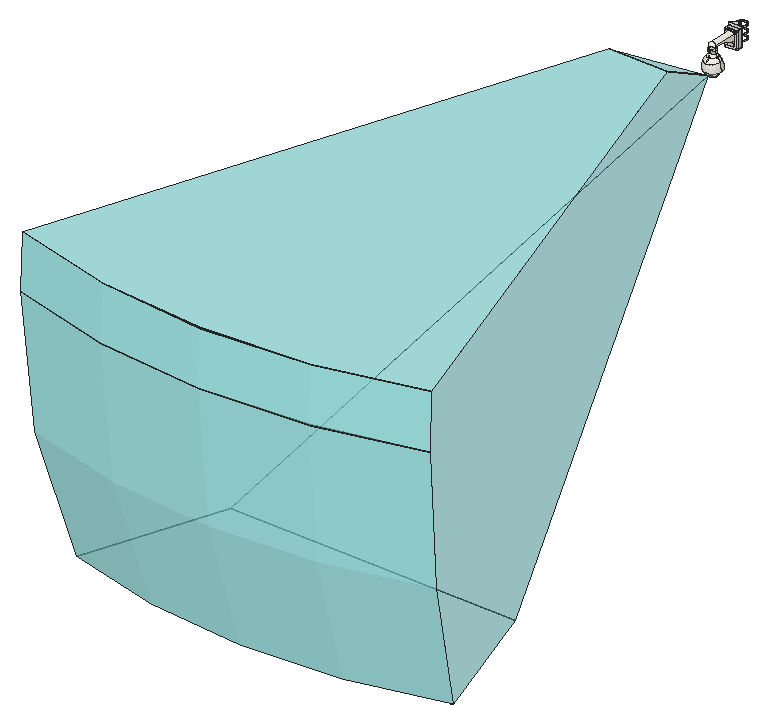
Revit family "PTZ indoor Dome camera – Pole Mount", category Security Devices, Revit 2017
Family settings
  Maintain Annotation Orientation = No
  Round Connector Dimension = Use Diameter
  Part Type = Normal
  OmniClass Number = 23.85.30.17.14
  OmniClass Title = Video Surveillance
  Work Plane-Based = No
  Always vertical = Yes
  Cut with Voids When Loaded = No
  Shared = No
  Room Calculation Point = No
Parameters (values of type "HONEYWELL HDZ302D_Pole Mount")
  _Upper Limit [instance] = if(FOV Upper Limit + _H + _Origin Vertical < 0 mm, 0 mm, FOV Upper Limit + _H + _Origin Vertical)  # 502 mm
  _Bottom Limit [instance] = if(FOV Bottom Limit - _H - _Origin Vertical < 0 mm, 0 mm, FOV Bottom Limit - _H - _Origin Vertical)  # 2398 mm
  _H = cos(Mounting Angle) * X  # 100 mm
  X = 100 mm
  _posOffset [instance] = if(_Origin Vertical > 0 mm, abs(_Origin Vertical), 0 mm)  # 102 mm
  _negOffset [instance] = if(_Origin Vertical < 0 mm, abs(_Origin Vertical), 0 mm)  # 0 mm
  Wireless = no
  User Input 02 [instance] = ""
  User Input 01 [instance] = ""
  Target Resolution Units [instance] = if(Metric, "Pixels per meter", "Pixels per foot")  # "Pixels per meter"
  Target Area [instance] = ""
  Origin Vertical = 102 mm
  _Origin Vertical [instance] = if(Ceiling Mount, Pendant Length, Origin Vertical)  # 102 mm
  URL = "www.honeywell.com"
  Show Field of View [instance] = yes
  Power over Ethernet Class = ""
  Power over Ethernet = ""
  Pendant Kit = ""
  PTZ = no
  Network Port [instance] = ""
  Model = "HDZ302D"
  Metric = yes
  Manufacturer = ""
  Pendant Status Message [instance] = if(Pendant Length > 750 mm, "Exceeds standard size", "OK")  # "OK"
  Lens Minimum Value [instance] = 13.5 mm  # constant formula
  Lens Maximum Value [instance] = 4.5 mm  # constant formula
  Housing Type = Camera_House : Default
  Origin Horizontal = 208 mm
  FOV Vertical Resolution [instance] = 1080
  FOV Tilt [instance] = 0.00°
  FOV Target Resolution [instance] = 180
  FOV Pan [instance] = 0.00°
  FOV Horizontal Resolution [instance] = 1920
  FOV Horizontal Minimum [instance] = 2.53°
  FOV Horizontal Maximum [instance] = 62.35°
  FOV Focal Length Minimum [instance] = 4.5
  FOV Focal Length Maximum [instance] = 13.5
  FOV Distance to Object [instance] = 6000 mm
  FOV Upper Limit [instance] = 300 mm
  FOV Desired Focal Length [instance] = 4.5
  FOV Bottom Limit [instance] = 2600 mm
  Pendant Length [instance] = 700 mm
  FOV Actual Focal Length [instance] = if(FOV Desired Focal Length > FOV Focal Length Maximum, FOV Focal Length Maximum, if(FOV Desired Focal Length < FOV Focal Length Minimum, FOV Focal Length Minimum, FOV Desired Focal Length))  # 4.5
  Ethernet Connector = ""
  Description = "HONEYWELL HDZ302D_Pole Mount"
  Corridor Format [instance] = yes
  Corridor [instance] = yes
  Ceiling Mount = no
  Mounting Angle = 0.00°
  Camera Number [instance] = "HDZ302D"
  Camera Name [instance] = "HONEYWELL HDZ302D_Pole Mount"
  Audio = no
  Assembly Code = ""
  Actual Corridor [instance] = and(Corridor Format, Corridor)  # yes
  Accessories = ""
Reference planes
  plane 1 "Center (Front/Back)": y = 0
  plane 2 "Camera House Top": z = -102
  plane 3 "Center (Left/Right)": x = 0
  plane 4 "FOV Bottom Limit": z = -2600
  plane 5 "Horizontal Origin": y = 208
  plane 6 "negOffset": z = 0
  plane 7: z = 0
Lines and regions (mm)
  reference lines
    curve 1: line (0, 0, -102) -> (0, 0, -202)
    curve 2: line (0, 0, -202) -> (0, 0, 85)
    curve 3: line (0, 0, -202) -> (0, 120.87, -202)
    curve 4: line (0, 0, -202) -> (0, 45.15, -202)
    curve 7: line (0, 0, -202) -> (0, 75, -202)
    curve 8: line (-65, 208, 0) -> (65, 208, 0)
    curve 9: line (0, 208, 0) -> (0, 208, -2600)
  symbolic lines, style "InvisibleLines"
    curve 5: line (0, 23, -2600) -> (0, -23, -2600)
    curve 6: line (-23, 0, -2600) -> (23, 0, -2600)
Dimensions and locks
  "X": curve 1 to curve 1
  locked: curve 3 to plane 1 "Center (Front/Back)" at 120.87
  "Origin Horizontal": plane 5 "Horizontal Origin" to plane 1 "Center (Front/Back)"
  "_negOffset": plane 6 "negOffset" to level
  "_posOffset": plane 6 "negOffset" to plane 2 "Camera House Top"
  "FOV Bottom Limit": level to plane 4 "FOV Bottom Limit"
  locked: connector elem to plane 5 "Horizontal Origin"
  locked: curve 2 to curve 7
  "Mounting Angle": angle plane 1 "Center (Front/Back)" to curve 1
  "FOV Pan": angle curve 4 to curve 3
  aligned and locked: plane 1 "Center (Front/Back)" to curve 1
  aligned and locked: plane 3 "Center (Left/Right)" to curve 2
  aligned and locked: level to plane 7
  aligned and locked: plane 3 "Center (Left/Right)" to nested 2
  aligned and locked: plane 1 "Center (Front/Back)" to nested 2
  aligned and locked: curve 3 to nested 1
  aligned and locked: curve 3 to curve 4
  aligned and locked: plane 2 "Camera House Top" to curve 1
  aligned and locked: nested 1 to curve 4
  aligned and locked: curve 7 to curve 4
  aligned and locked: plane 5 "Horizontal Origin" to curve 8
  aligned and locked: curve 9 to plane 5 "Horizontal Origin"
  aligned and locked: plane 4 "FOV Bottom Limit" to curve 9
  aligned and locked: plane 7 to curve 9
Automatic sketch dimensions
  plane 1 "Center (Front/Back)" to curve 6 = 0 mm
  curve 5 to plane 3 "Center (Left/Right)" = 0 mm
  plane 3 "Center (Left/Right)" to curve 6 = 23 mm
  curve 6 to plane 3 "Center (Left/Right)" = 23 mm
  curve 5 to plane 1 "Center (Front/Back)" = 23 mm
  plane 1 "Center (Front/Back)" to curve 5 = 23 mm
  curve 3 to curve 7 = 75 mm
  curve 7 to curve 3 = 0 mm
  level to curve 2 = 85 mm
  curve 8 to plane 3 "Center (Left/Right)" = 65 mm
  plane 3 "Center (Left/Right)" to curve 8 = 65 mm
  curve 7 to curve 4 = 0 mm
Nested families
  nested 1: "Honeywell" at (0, -110, -202) x (1, 0, 0) z (0, -1, 0), Tilt <- "FOV Tilt", Vertical Res <- "FOV Vertical Resolution", Horizontal Res <- "FOV Horizontal Resolution", visible <- "Show Field of View", FOV Upper Limit <- "_Upper Limit", FOV Distance to Object <- "FOV Distance to Object", FOV Bottom Limit <- "_Bottom Limit", Target Resolution <- "FOV Target Resolution", FOV Horizontal Min <- "FOV Horizontal Minimum", FOV Horizontal Max <- "FOV Horizontal Maximum", Focal Length Minimum <- "FOV Focal Length Minimum", Focal Length Maximum <- "FOV Focal Length Maximum", Metric <- "Metric", Focal Length <- "FOV Actual Focal Length", Corridor <- "Corridor Format", IDFOV <- "Camera Name", type "Default"
    with yr 6020.964 mm, yf 6461.455 mm, y 6020.964 mm, x 1 mm, k 0.34033, _Target Resolution 180, XEff Min 5.445 mm, XEff Max 0.596 mm, XEff 5.445 mm, Vertical Res 1080, Vertical Angle 18.7948°, Tilt 0.00°, Target Resolution 180, Resolution Guide Width 7297.771 mm, Resolution Guide Heigth 4104.996 mm, Resolution Guide Distance 6028.964 mm, Resolution 0.26309, Metric yes, IDFOV "HONEYWELL HDZ302D_Pole Mount", Horizontal Res 1920, Horizontal Angle 31.175°, Focal Length Minimum 4.5, Focal Length Maximum 13.5, Focal Length 4.5, FOV Width 7297.771 mm, FOV Wide Angle 62.35°, FOV Vertical Max 31.175°, FOV Upper Limit 502 mm, FOV Horizontal Min 2.53°, FOV Horizontal Max 62.35°, FOV Horisontal angle Negative -18.7948°, FOV Horisontal angle 18.7948°, FOV Height 4104.996 mm, FOV Distortion Trim Length 7030.964 mm, FOV Distance to Object 6000 mm, FOV Distance 6030.964 mm, FOV Bottom Limit 2398 mm, DTR 10637.96 mm, DTO 16135.96 mm, DTF 12533.96 mm, Corridor yes
  nested 2: "Camera-Dome-AXIS-2D_Symbol" at (0, 0, 0), PTZ <- "PTZ", type "Default", detail levels coarse
    with PTZ no
  nested 3: "HDZPMA_Pole Mount" at (0, 203, 97.5) x (1, 0, 0) z (0, 1, 0), type "Type 1"
    with Corner Mount yes
  nested 4: "HDZJB" at (40, 164.2, -80) x (0, 0, 1) z (0, 1, 0), type "Type 1"
    with Corner Mount yes
  nested 5: "HDZWM1" at (0.912, 164.2, 0) x (1, 0, 0) z (0, -1, 0), type "1.3MP, 20x Zoom"
    with Tilt_Angle 0.00°, Target Resolution 800, Show Field of View yes, Pan_Angle 0.00°, Offset 0 mm, FOV Vertical Resolution 1080, FOV Upper Limit 200 mm, FOV Horizontal Resolution 2250, FOV Distance to Object 2000 mm, FOV Bottom Limit 2000 mm, FOV Actual Focal Length 2
  nested 6: "Camera Eye" at (-5.421, -56.583, 55.113) x (1, 0, 0) z (0, 0, -1), type "Standard"
    with View Distance -22.156 mm, Tilt Angle 60.00°, Pan Angle 60.00°, FoV V 0 mm, FoV H 0 mm, FoV Contraint H 0.00°, FoV Constraint V 0.00°
Connectors
  electrical at (0, 208, 0), driven by "Ethernet Connector"
    settings: index 1, voltage 0 V, apparent load 0 VA, apparent load phase1 0 VA, apparent load phase2 0 VA, apparent load phase3 0 VA, power factor 1, load classification "Other", number of poles 1, system type 10, power factor state 1, is connector primary yes, connector utility no, sub classification motor no, connector description ""
Definition of nested family "Honeywell"
  Parameters (values of type "Default")
    yr [instance] = sqrt(FOV Distance to Object ^ 2 + FOV Upper Limit ^ 2)  # 8005.623 mm
    yf [instance] = sqrt(FOV Distance to Object ^ 2 + FOV Bottom Limit ^ 2)  # 8443.341 mm
    y [instance] = if(and((Tilt > 0.00°), (Tilt < 180.00°)), yf, yr)  # 8443.341 mm
    x [instance] = 1 mm  # constant formula
    k [instance] = XEff / 2 mm * (Vertical Res / Horizontal Res) / Focal Length  # 0.32476
    _Target Resolution [instance] = if(Metric, Target Resolution, Target Resolution / 0.3048)  # 400
    XEff Min [instance] = 2 mm * Focal Length Minimum * tan(FOV Horizontal Max / 2)  # 1.155 mm
    XEff Max [instance] = 2 mm * Focal Length Maximum * tan(FOV Horizontal Min / 2)  # 2.309 mm
    XEff [instance] = if((Focal Length Maximum - Focal Length Minimum) = 0, XEff Min, (Focal Length - Focal Length Minimum) * (XEff Max - XEff Min) / (Focal Length Maximum - Focal Length Minimum) + XEff Min)  # 2.309 mm
    Vertical Res [instance] = 1080
    Vertical Angle [instance] = atan(k)  # 17.9917°
    Tilt [instance] = 20.00°
    Target Resolution [instance] = 400
    Resolution [instance] = Horizontal Res / (FOV Width / 1 mm)  # 0.1967
    Metric [instance] = yes
    IDFOV [instance] = ""
    Horizontal Res [instance] = 1920
    Horizontal Angle [instance] = atan(XEff / 2 mm / Focal Length)  # 30.00°
    Focal Length Minimum [instance] = 1
    Focal Length Maximum [instance] = 2
    Resolution Guide Width [instance] = if((Horizontal Res * 1000 mm) / (_Target Resolution) < FOV Width, (Horizontal Res * 1000 mm) / (_Target Resolution), FOV Width)  # 4800 mm
    FOV Width [instance] = FOV Distance * XEff / (Focal Length * 1 mm)  # 9761.077 mm
    FOV Wide Angle [instance] = FOV Horizontal Max  # 60.00°
    FOV Vertical Max [instance] = if(Corridor, Horizontal Angle, Vertical Angle)  # 17.9917°
    FOV Horizontal Min [instance] = 60.00°
    FOV Horizontal Max [instance] = 60.00°
    Resolution Guide Heigth [instance] = Resolution Guide Width * Vertical Res / Horizontal Res  # 2700 mm
    FOV Horisontal angle Negative [instance] = if(Corridor, Vertical Angle, Horizontal Angle) * -1  # -30.00°
    FOV Horisontal angle [instance] = if(Corridor, Vertical Angle, Horizontal Angle)  # 30.00°
    FOV Height [instance] = FOV Width * Vertical Res / Horizontal Res  # 5490.606 mm
    FOV Upper Limit [instance] = 300 mm
    FOV Distortion Trim Length [instance] = FOV Distance + 1000 mm  # 9453.341 mm
    FOV Distance to Object [instance] = 8000 mm
    FOV Bottom Limit [instance] = 2700 mm
    Resolution Guide Distance [instance] = Resolution Guide Width * (Focal Length * 1 mm) / XEff - 2 mm  # 4154.922 mm
    FOV Distance [instance] = y + 10 mm  # 8453.341 mm
    Focal Length [instance] = 2
    Default Elevation = 1219.2 mm
    DTR [instance] = FOV Height + FOV Distance + FOV Upper Limit  # 14243.946 mm
    DTO [instance] = FOV Height + FOV Distance + FOV Distance to Object  # 21943.946 mm
    DTF [instance] = FOV Height + FOV Distance + FOV Bottom Limit  # 16643.946 mm
    Corridor [instance] = no
  Reference planes
    plane 1 "Center (Front/Back)": y = 0
    plane 2: z = 0
    plane 3 "Center (Left/Right)": x = 0
    plane 4: z = 8000
    plane 5: z = -8000
    plane 6: y = -2700
    plane 7: z = 21943.946
    plane 8: y = 300
    plane 9: y = -21943.946
    plane 10: z = -21943.946
    plane 11: y = 14243.946
    plane 12: x = -21943.946
    plane 13: x = 21943.946
  Forms (mm)
    Extrusion 1, void
      sketch origin (0, 0, 0) x (0, 1, 0) y (0, 0, 1)
        loop
          line (14243.946, 21943.946) -> (300, 21943.946) -> (300, -21943.946) -> (14243.946, -21943.946) -> (14243.946, 21943.946)
        loop
          line (-21943.946, 21943.946) -> (-21943.946, -21943.946) -> (-2700, -21943.946) -> (-2700, 21943.946) -> (-21943.946, 21943.946)
      from -27797.579 to 25408.475
    Revolve 2, solid
      sketch origin (0, 0, 0) x (0, -0.34202, 0.939693) y (0, -0.939693, -0.34202)
        loop
          line (0, 0) -> (3951.752, -1283.369)
          arc (3951.752, -1283.369) -> (4103.815, -649.676) -> (4154.922, 0) r 4154.922
          arc (4154.922, 0) -> (4103.815, 649.676) -> (3951.752, 1283.369) r 4154.922
          line (3951.752, 1283.369) -> (0, 0)
        axis (0, 1283.369) -> (0, -1283.369)
      angle from -30 <- "FOV Horisontal angle Negative" to 30 <- "FOV Horisontal angle"
    Revolve 3, solid
      sketch origin (0, 0, 0) x (0, -0.34202, 0.939693) y (0, -0.939693, -0.34202)
        loop
          line (3951.752, -1283.369) -> (8039.983, -2611.061)
          arc (8039.983, -2611.061) -> (8349.362, -1321.789) -> (8453.341, 0) r 8453.341
          arc (8453.341, 0) -> (8349.362, 1321.789) -> (8039.983, 2611.061) r 8453.341
          line (8039.983, 2611.061) -> (3951.752, 1283.369)
          arc (3951.752, 1283.369) -> (4103.815, 649.676) -> (4154.922, 0) r 4154.922
          arc (4154.922, 0) -> (4103.815, -649.676) -> (3951.752, -1283.369) r 4154.922
        axis (0, 2611.061) -> (0, -2611.061)
      angle from -30 <- "FOV Horisontal angle Negative" to 30 <- "FOV Horisontal angle"
    Extrusion 4, void
      sketch origin (0, 0, 0) x (0, -0.34202, 0.939693) y (0, -0.939693, -0.34202)
        loop
          line (0, 0) -> (8991.084, 2919.94) -> (8064.85, 5772.002) -> (-9708.308, 0) -> (8064.85, -5772.002) -> (8991.084, -2919.94) -> (0, 0)
      from -27797.579 to 25408.475
  Cuts and joins
    Extrusion 1, Extrusion 4 cuts Revolve 3
    Extrusion 1, Extrusion 4 cuts Revolve 2
  Lines and regions (mm)
    reference lines
      curve 1: line (0, 0, 0) -> (0, -2891.213, 7943.542)
      curve 2: line (0, 0, 0) -> (0, -1421.067, 3904.349)
      curve 3: line (0, 0, 0) -> (0, -331.286, 9447.534)
      curve 4: line (0, 0, 0) -> (0, -5818.978, 7450.177)
  Dimensions and locks
    "FOV Distance": curve 1 to curve 1
    "FOV Distance to Object": plane 4 to plane 2
    "DTO": plane 7 to plane 2
    "FOV Upper Limit": plane 8 to plane 1 "Center (Front/Back)"
    "FOV Bottom Limit": plane 1 "Center (Front/Back)" to plane 6
    "DTO": plane 1 "Center (Front/Back)" to plane 9
    "DTO": plane 2 to plane 10
    "Resolution Guide Distance": curve 2 to curve 2
    "DTR": plane 11 to plane 1 "Center (Front/Back)"
    "FOV Distance to Object": plane 2 to plane 5
    equal spacing: plane 13, plane 3 "Center (Left/Right)", plane 12
    "DTO": plane 3 "Center (Left/Right)" to plane 12
    "FOV Distortion Trim Length": curve 4 to curve 4
    "FOV Distortion Trim Length": curve 3 to curve 3
    "Resolution Guide Distance": radius of Revolve 3 sketch curve  (x2)
    "Tilt": angle curve 1 to plane 1 "Center (Front/Back)"
    "Tilt": angle curve 2 to plane 1 "Center (Front/Back)"
    "FOV Vertical Max": angle Revolve 2 sketch curve to Revolve 2 sketch curve  (x2)
    "FOV Vertical Max": angle Revolve 3 sketch curve to Revolve 3 sketch curve  (x4)
    "FOV Vertical Max": angle curve 2 to curve 3
    "FOV Vertical Max": angle curve 4 to curve 2
    aligned and locked: level to plane 2
    aligned and locked: Extrusion 1 sketch curve to plane 9
    aligned and locked: Extrusion 1 sketch curve to plane 7
    aligned and locked: Extrusion 1 sketch curve to plane 10
    aligned and locked: Extrusion 1 sketch curve to plane 6
    aligned and locked: Extrusion 1 sketch curve to plane 8
    aligned and locked: level to curve 2
    aligned and locked: plane 1 "Center (Front/Back)" to curve 2
    aligned and locked: plane 1 "Center (Front/Back)" to curve 1
    aligned and locked: Extrusion 1 sketch curve to plane 11
    aligned and locked: level to curve 3
    aligned and locked: plane 1 "Center (Front/Back)" to curve 3
    aligned and locked: Extrusion 4 sketch curve to curve 4  (x2)
    aligned and locked: Extrusion 4 sketch curve to curve 3  (x2)
  Automatic sketch dimensions
    Extrusion 1 sketch curve to plane 7 = 0 mm
    Extrusion 1 sketch curve to plane 10 = 0 mm
    Extrusion 4 sketch curve to curve 2 = 0 mm
    Extrusion 4 sketch curve to curve 2 = 9708.308 mm
    curve 1 to level = 0 mm
    Revolve 2 sketch curve to Revolve 2 sketch curve = 0 mm  (x2)
    Revolve 2 sketch curve to curve 2 = 0 mm  (x6)
    Revolve 2 sketch curve to curve 2 = 0.5 mm
    curve 2 to Revolve 2 sketch curve = 0.5 mm
    Revolve 3 sketch curve to Revolve 3 sketch curve = 0 mm  (x12)
    Revolve 3 sketch curve to curve 1 = 0 mm  (x4)
    Revolve 3 sketch curve to curve 1 = 0.5 mm
    curve 1 to Revolve 3 sketch curve = 0.5 mm
Definition of nested family "HDZPMA_Pole Mount"
  Parameters (values of type "Type 1")
    Default Elevation = 1219.2 mm
    Corner Mount [instance] = yes
  Reference planes
    plane 1 "Center (Front/Back)": y = 0
    plane 2: z = 0
    plane 3 "Center (Left/Right)": x = 0
  Forms (mm)
    Extrusion 1, solid, visible <- "Corner Mount"
      sketch origin (0, 0, -75) x (1, 0, 0) y (0, 0, 1)
        loop
          line (-61.629, 75) -> (61.629, 75)
          arc (61.629, 75) -> (64.984, 77.349) -> (63.924, 81.305) r 3.57
          line (63.924, 81.305) -> (17.808, 120) -> (10.03, 120) -> (53.491, 83.532)
          arc (53.491, 83.532) -> (54.084, 81.316) -> (52.205, 80) r 2
          line (52.205, 80) -> (-52.205, 80)
          arc (-52.205, 80) -> (-54.084, 81.316) -> (-53.491, 83.532) r 2
          line (-53.491, 83.532) -> (-10.03, 120) -> (-17.808, 120) -> (-63.924, 81.305)
          arc (-63.924, 81.305) -> (-64.984, 77.349) -> (-61.629, 75) r 3.57
      from -170 to 0
    Extrusion 2, void
      sketch origin (0, 0, 0) x (0, 1, 0) y (0, 0, 1)
        loop
          line (80, 20) -> (90, 20) -> (90, 40) -> (80, 40) -> (80, 20)
        loop
          line (20, 20) -> (30, 20) -> (30, 40) -> (20, 40) -> (20, 20)
        loop
          line (140, 20) -> (150, 20) -> (150, 40) -> (140, 40) -> (140, 20)
      from -58.807 to 60.338
    Extrusion 3, solid
      sketch origin (2.5, -2.346, 15.313) x (1, 0, 0) y (0, 0, 1)
        loop
          circle (-2.537, 62.059) r 50
        loop
          circle (-2.537, 62.059) r 45
      from -30 to -25
    Extrusion 4, solid
      sketch origin (2.5, 57.654, 15.312) x (1, 0, 0) y (0, 0, 1)
        loop
          circle (-2.537, 62.059) r 50
        loop
          circle (-2.537, 62.059) r 45
      from -30 to -25
    Extrusion 5, solid
      sketch origin (2.5, 117.654, 15.312) x (1, 0, 0) y (0, 0, 1)
        loop
          circle (-2.537, 62.059) r 50
        loop
          circle (-2.537, 62.059) r 45
      from -30 to -25
  Cuts and joins
    Extrusion 2 cuts Extrusion 1
  Dimensions and locks
    aligned and locked: level to plane 2
Definition of nested family "HDZJB"
  Parameters (values of type "Type 1")
    Default Elevation = 1219.2 mm
    Corner Mount [instance] = yes
  Reference planes
    plane 1 "Center (Front/Back)": y = 0
    plane 2: z = 0
    plane 3 "Center (Left/Right)": x = 0
    plane 4: z = 75
    plane 5: z = 33
    plane 6: z = 39
    plane 7: z = 80
    plane 8: z = 259
  Forms (mm)
    Extrusion 1, solid
      sketch origin (0, 0, 0) x (1, 0, 0) y (0, 1, 0)
        loop
          arc (5, 17.5) -> (1.464, 16.036) -> (0, 12.5) r 5
          line (0, 12.5) -> (0, -92.5)
          arc (0, -92.5) -> (1.464, -96.036) -> (5, -97.5) r 5
          line (5, -97.5) -> (155, -97.5)
          arc (155, -97.5) -> (158.536, -96.036) -> (160, -92.5) r 5
          line (160, -92.5) -> (160, 12.5)
          arc (160, 12.5) -> (158.536, 16.036) -> (155, 17.5) r 5
          line (155, 17.5) -> (5, 17.5)
      from 0 to 38.8
  Dimensions and locks
    plane 4 to plane 5 to plane 2 = 42 mm locked, 33 mm locked
    locked: plane 6 to plane 5 at 6
    plane 7 to plane 4 = 5 mm
    locked: plane 8 to plane 4 at 184
    aligned and locked: level to plane 2
Definition of nested family "HDZWM1"
  Parameters (values of type "1.3MP, 20x Zoom")
    URL = ""
    Tilt_Angle [instance] = 0.00°
    Target Resolution [instance] = 800
    Show Field of View [instance] = yes
    Product Material = none
    Pan_Angle [instance] = 0.00°
    Offset [instance] = 0 mm
    Model = ""
    Manufacturer = ""
    FOV Vertical Resolution [instance] = 1080
    FOV Upper Limit [instance] = 200 mm
    FOV Horizontal Resolution [instance] = 2250
    FOV Distance to Object [instance] = 2000 mm
    FOV Bottom Limit [instance] = 2000 mm
    FOV Actual Focal Length [instance] = 2
    Description = ""
    Default Elevation = 1219.2 mm
    Date Last Modified = ""
    Copyright = ""
  Reference planes
    plane 1 "Center (Front/Back)": y = 0
    plane 2 "Center (Elevation)": z = 0
    plane 3 "Center (Left/Right)": x = 0
    plane 4 "Arm Host FB": y = 0
    plane 5 "Arm Host Elevation": z = 0
    plane 6 "Arm Host LR": x = 0
    plane 7 "Camera Host Elevation": z = 0
    plane 8 "Camera Host LR": x = 0
    plane 9 "Camera Host FB": y = 0
    plane 10: z = 0
  Forms (mm)
    Extrusion 1, solid, not visible
      sketch origin (0, 0, 0) x (1, 0, 0) y (0, 1, 0)
        loop
          line (-127, 127) -> (-127, -127) -> (127, -127) -> (127, 127) -> (-127, 127)
      from 0 to -2.54
    Extrusion 2, solid
      sketch origin (0, 0, 0) x (0, 0, 1) y (0, 1, 0)
        loop
          line (10.8, 71.371) -> (10.8, -59)
          arc (10.8, -59) -> (18.08, -26.148) -> (38.557, 0.554) r 77.765
          arc (38.557, 0.554) -> (129.214, 30.801) -> (224.5, 38.162) r 391.146
          line (224.5, 38.162) -> (224.5, 22.202) -> (255, 22.202) -> (255, 42.955)
          arc (255, 42.955) -> (247.556, 60.927) -> (229.584, 68.371) r 25.416
          line (229.584, 68.371) -> (13.8, 68.371)
          arc (13.8, 68.371) -> (11.679, 69.25) -> (10.8, 71.371) r 3
      from -30.5 to 30.5
    Sweep 3, void
      path origin (0, 2.093, -69.047) x (0, 0, 1) y (0, 1, 0)
        loop
          line (324.047, 20.11) -> (324.047, 40.862)
          arc (324.047, 40.862) -> (316.603, 58.834) -> (298.632, 66.278) r 25.416
          line (298.632, 66.278) -> (82.847, 66.278)
      profile origin (0, 32.579, 255) x (0, 0, -1) y (-1, 0, 0)
        loop
          line (23.626, 30.5) -> (0, 30.5) -> (0, -30.5) -> (23.626, -30.5)
          arc (23.626, -30.5) -> (1.715, 0) -> (23.626, 30.5) r 32.183
    Extrusion 4, solid
      sketch origin (0, 0, 508) x (0, 1, 0) y (-1, 0, 0)
        loop
          arc (80, 46.716) -> (76.664, 54.771) -> (68.61, 58.107) r 11.39
          line (68.61, 58.107) -> (-68.426, 58.107)
          arc (-68.426, 58.107) -> (-76.659, 54.156) -> (-80, 45.656) r 12.484
          line (-80, 45.656) -> (-80, -44.893)
          arc (-80, -44.893) -> (-76.485, -53.378) -> (-68, -56.893) r 12
          line (-68, -56.893) -> (68, -56.893)
          arc (68, -56.893) -> (76.485, -53.378) -> (80, -44.893) r 12
          line (80, -44.893) -> (80, 46.716)
      from -508 to -497.2
    Extrusion 5, void
      sketch origin (5.067, -202.182, 0) x (0, 1, 0) y (1, 0, 0)
        loop
          circle (268.505, -53.177) r 3.7
        loop
          circle (268.505, 41.221) r 3.7
        loop
          circle (135.86, -53.177) r 3.7
        loop
          circle (135.86, 41.221) r 3.7
      from -10.8 to 0
    Revolve 6, solid
      sketch origin (0, -33.956, -51.715) x (0, 0, 1) y (0, 1, 0)
        loop
          line (305, 44.176) -> (305, 73.419) -> (274.5, 73.419) -> (274.5, 44.176) -> (305, 44.176)
        axis (274.5, 73.419) -> (274.5, 44.176)
      angle from 0 to 360
  Cuts and joins
    Sweep 3, Extrusion 5 cuts Extrusion 2
    Extrusion 5 cuts Extrusion 4
    joined: Extrusion 2, Extrusion 4
  Lines and regions (mm)
    Masking region 1
      outline origin (0, 0, 0) x (1, 0, 0) y (0, 1, 0)
        loop
          arc (30, 54.813) -> (0, 84.813) -> (-30, 54.813) r 30
          line (-30, 54.813) -> (-30, -11.544) -> (30, -11.544) -> (30, 54.813)
    symbolic lines
      curve 1: line (-30.5, 0, 274.5) -> (-30.5, 0, 10.8)
      curve 2: line (30.5, 0, 10.8) -> (30.5, 0, 274.5)
      curve 3: arc (-30.5, 0, 274.5) -> (0, 0, 305) -> (30.5, 0, 274.5) r 30.5
  Dimensions and locks
    equal spacing: Extrusion 1 sketch curve, plane 3 "Center (Left/Right)", Extrusion 1 sketch curve
    Extrusion 1 sketch curve to plane 3 "Center (Left/Right)" = 127 mm
    equal spacing: Extrusion 1 sketch curve, plane 1 "Center (Front/Back)", Extrusion 1 sketch curve
    plane 1 "Center (Front/Back)" to Extrusion 1 sketch curve = 127 mm
    plane 1 "Center (Front/Back)" to plane 4 "Arm Host FB" = 0 mm
    plane 5 "Arm Host Elevation" to plane 2 "Center (Elevation)" = 0 mm
    plane 6 "Arm Host LR" to plane 3 "Center (Left/Right)" = 0 mm
    plane 8 "Camera Host LR" to plane 3 "Center (Left/Right)" = 0 mm
    plane 1 "Center (Front/Back)" to plane 9 "Camera Host FB" = 0 mm
    plane 7 "Camera Host Elevation" to plane 10 = 0 mm
    plane 2 "Center (Elevation)" to plane 10 = 0 mm
    Extrusion 4 sketch curve to plane 1 "Center (Front/Back)" to Extrusion 4 sketch curve = 80 mm, 80 mm
    Sweep 3 sketch curve to Sweep 3 sketch curve = 61 mm
    aligned and locked: plane 2 "Center (Elevation)" to Extrusion 1
    aligned and locked: level to Extrusion 1
  Nested families
    nested 1: "HDZNPTA" at (0, -14.78, 222.785) x (1, 0, 0) z (0, 1, 0), type "HDZNPTA"
  Definition of nested family "HDZNPTA"
    Parameters (values of type "HDZNPTA")
      Default Elevation = 1219.2 mm
    Reference planes
      plane 1 "Center (Front/Back)": y = 0
      plane 2: z = 0
      plane 3 "Center (Left/Right)": x = 0
    Forms (mm)
      Extrusion 1, solid
        sketch origin (-0.625, -0.625, 0) x (1, 0, 0) y (0, 1, 0)
          loop
            circle (0.625, 0.625) r 18.622
          loop
            line (-22.455, -24.811) -> (-8.169, -32.729) -> (-6.977, -32.729)
            arc (-6.977, -32.729) -> (-4.59, -30.308) -> (-1.273, -29.568) r 6.015
            arc (-1.273, -29.568) -> (17.192, -24.763) -> (29.092, -9.849) r 30.201
            arc (29.092, -9.849) -> (30.672, -8.381) -> (32.742, -7.774) r 4.701
            line (32.742, -7.774) -> (32.742, 10.359)
            arc (32.742, 10.359) -> (30.375, 11.013) -> (28.595, 12.707) r 5.054
            arc (28.595, 12.707) -> (15.353, 27.097) -> (-3.868, 30.702) r 31.014
            arc (-3.868, 30.702) -> (-6.735, 31.136) -> (-8.91, 33.053) r 5.14
            line (-8.91, 33.053) -> (-23.522, 23.835)
            arc (-23.522, 23.835) -> (-23.007, 21.335) -> (-23.522, 18.835) r 6.331
            arc (-23.522, 18.835) -> (-27.64, 14.015) -> (-33.764, 12.374) r 10.69
            arc (-33.764, 12.374) -> (-37.649, 10.765) -> (-39.258, 6.881) r 5.494
            line (-39.258, 6.881) -> (-39.258, -7.195)
            arc (-39.258, -7.195) -> (-36.288, -11.613) -> (-31.168, -13.073) r 7.751
            arc (-31.168, -13.073) -> (-28.655, -12.862) -> (-26.337, -13.853) r 5.222
            line (-26.337, -13.853) -> (-23.14, -17.47)
            arc (-23.14, -17.47) -> (-21.824, -21.05) -> (-22.455, -24.811) r 7.443
          loop
            line (-36.67, 4.655) -> (-36.67, -5.192)
            arc (-36.67, -5.192) -> (-34.172, -7.689) -> (-31.674, -5.192) r 2.498
            arc (-31.674, -5.192) -> (-31.91, -0.192) -> (-31.674, 4.808) r 53.172
            arc (-31.674, 4.808) -> (-34.251, 7.307) -> (-36.67, 4.655) r 2.5
        from 0 to 48
      Revolve 2, void
        sketch origin (0, 0, 0) x (1, 0, 0) y (0, 0, 1)
          loop
            line (21.501, 25) -> (55.117, 25) -> (55.117, 48) -> (20.413, 48) -> (20.413, 46) -> (21.501, 46) -> (21.501, 45.012) -> (20.413, 45.012) -> (20.413, 44) -> (21.501, 44) -> (21.501, 43.012) -> (20.413, 43.012) -> (20.413, 42) -> (21.501, 42) -> (21.501, 41.012) -> (20.413, 41.012) -> (20.413, 40) -> (21.501, 40) -> (21.501, 39.012) -> (20.413, 39.012) -> (20.413, 38) -> (21.501, 38) -> (21.501, 37.012) -> (20.413, 37.012) -> (20.413, 36) -> (21.501, 36) -> (21.501, 35.012) -> (20.413, 35.012) -> (20.413, 34) -> (21.501, 34) -> (21.501, 33.012) -> (20.413, 33.012) -> (20.413, 32) -> (21.501, 32) -> (21.501, 31.012) -> (20.413, 31.012) -> (20.413, 30) -> (21.501, 30) -> (21.501, 29.012) -> (20.413, 29.012) -> (20.413, 28) -> (21.501, 28) -> (21.501, 27.012) -> (20.413, 27.012) -> (20.413, 26) -> (21.501, 26) -> (21.501, 25)
          axis (0, 48) -> (0, 25)
        angle from 0 to 360
    Cuts and joins
      Revolve 2 cuts Extrusion 1
    Dimensions and locks
      cut or joined group of Extrusion 1, Revolve 2 to cut or joined group of Extrusion 1, Revolve 2 = 72 mm
      cut or joined group of Extrusion 1, Revolve 2 to cut or joined group of Extrusion 1, Revolve 2 = 48 mm
      aligned and locked: level to plane 2
Definition of nested family "Camera Eye"
  Parameters (values of type "Standard")
    Product Material = none
    FoV V [instance] = tan(FoV Constraint V / 2) * View Distance  # 0 mm
    FoV H [instance] = tan(FoV Contraint H / 2) * View Distance  # 0 mm
    FoV Contraint H [instance] = 0.00°
    FoV Constraint V [instance] = 0.00°
    View Distance [instance] = -22.156 mm
    Tilt Angle [instance] = 60.00°
    Pan Angle [instance] = 60.00°
    Default Elevation = 1219.2 mm
  Reference planes
    plane 1 "Center (Front/Back)": y = 0
    plane 2 "Center (Elevation)": z = 0
    plane 3 "Center (Left/Right)": x = 0
    plane 4: z = 0
    plane 5 "Pan Host": z = 219.504
    plane 6: y = 131.851
    plane 7: y = 172.195
    plane 8 "Void Top": z = 0
    plane 9 "Void Bottom": z = -10
  Forms (mm)
    Revolve 1, solid
      sketch origin (349.604, -2.451, 285.761) x (1, 0, 0) y (0, 0, -1)
        loop
          line (-350.004, 2) -> (-350.004, 66.256) -> (-408.505, 66.256) -> (-408.505, 57.673)
          arc (-408.505, 57.673) -> (-390.044, 18.5) -> (-350.004, 2) r 59.916
        axis (-350.004, 2) -> (-350.004, 66.256)
      angle from 0 to 360
    Revolve 2, solid
      sketch origin (350.076, -2.089, 286.149) x (1, 0, 0) y (0, 0, -1)
        loop
          line (-410.505, 68.256) -> (-410.505, 57.603)
          arc (-410.505, 57.603) -> (-391.433, 17.061) -> (-350.004, 0) r 61.916
          line (-350.004, 0) -> (-350.004, 68.256) -> (-410.505, 68.256)
        axis (-350.004, 0) -> (-350.004, 68.256)
      angle from 0 to 360
    Revolve 3, solid
      sketch origin (4.103, 2.003, 288.006) x (1, 0, 0) y (0, 0, -1)
        loop
          line (0, 218.113) -> (-25.829, 218.113)
          arc (-25.829, 218.113) -> (-32.935, 199.287) -> (-43.989, 182.473) r 91.372
          arc (-43.989, 182.473) -> (-57.642, 164.565) -> (-69.8, 145.611) r 277.922
          arc (-69.8, 145.611) -> (-78.867, 110.607) -> (-81.519, 74.545) r 201.095
          line (-81.519, 74.545) -> (-70.665, 74.545) -> (-66.517, 70.397) -> (0, 70.397) -> (0, 218.113)
        axis (0, 218.113) -> (0, 70.397)
      angle from 0 to 360
    Extrusion 4, void
      sketch origin (24.079, -53.086, 99.545) x (-0.992455, -0.122611, 0) y (-0.122611, 0.992455, 0)
        loop
          line (1.608, 115.57) -> (5.161, 93.247)
          arc (5.161, 93.247) -> (8.818, 91.546) -> (11.951, 94.086) r 3.807
          line (11.951, 94.086) -> (9.964, 116.603)
          arc (9.964, 116.603) -> (9.344, 118.25) -> (7.674, 118.807) r 2.047
          line (7.674, 118.807) -> (5.483, 118.536) -> (3.293, 118.266)
          arc (3.293, 118.266) -> (1.972, 117.217) -> (1.608, 115.57) r 2.523
      from -35.432 to 7.594
    Extrusion 5, void
      sketch origin (-15.873, 57.091, 99.545) x (0.992455, 0.122611, 0) y (0.122611, -0.992455, 0)
        loop
          line (1.608, 115.57) -> (5.161, 93.247)
          arc (5.161, 93.247) -> (8.818, 91.546) -> (11.951, 94.086) r 3.807
          line (11.951, 94.086) -> (9.964, 116.603)
          arc (9.964, 116.603) -> (9.344, 118.25) -> (7.674, 118.807) r 2.047
          line (7.674, 118.807) -> (5.483, 118.536) -> (3.293, 118.266)
          arc (3.293, 118.266) -> (1.972, 117.217) -> (1.608, 115.57) r 2.523
      from -35.432 to 7.594
    Revolve 6, solid
      sketch origin (4.103, 2.003, 3818.005) x (1, 0, 0) y (0, 0, -1)
        loop
          line (-61.517, 3600.396) -> (-61.517, 3590.82)
          arc (-61.517, 3590.82) -> (-43.456, 3547.568) -> (0, 3530.003) r 60.821
          line (0, 3530.003) -> (0, 3600.396) -> (-61.517, 3600.396)
        axis (0, 3600.396) -> (0, 3530.003)
      angle from 0 to 360
  Cuts and joins
    Extrusion 4, Extrusion 5 cuts Revolve 3
  Lines and regions (mm)
    reference lines
      curve 1: line (86.603, -50, 219.504) -> (0, 0, 219.504)
      curve 2: line (0, 0, 219.504) -> (0, 0, 227)
      curve 3: line (0, 0, 227) -> (43.301, -25, 227)
      curve 4: line (0, 0, 227) -> (32.476, -18.75, 291.952)
      curve 5: line (32.476, -18.75, 291.952) -> (34.976, -14.42, 291.952)
      curve 6: line (32.476, -18.75, 291.952) -> (28.726, -16.585, 294.452)
  Dimensions and locks
    plane 5 "Pan Host" to plane 4 = 219.504 mm
    plane 1 "Center (Front/Back)" to plane 6 to plane 7 = 131.851 mm locked, 40.343 mm locked
    curve 1 to curve 1 = 100 mm
    locked: curve 3 to curve 3 at 50
    curve 4 to curve 4 = 75 mm
    plane 4 to plane 2 "Center (Elevation)" = 0 mm
    plane 2 "Center (Elevation)" to plane 9 "Void Bottom" = 10 mm
    plane 8 "Void Top" to plane 2 "Center (Elevation)" = 0 mm
    "Pan Angle": angle plane 3 "Center (Left/Right)" to curve 1
    "Tilt Angle": angle curve 4 to curve 3
    aligned and locked: plane 2 "Center (Elevation)" to level
  Automatic sketch dimensions
    curve 3 to curve 1 = 0 mm
    curve 1 to curve 2 = 0 mm
    curve 5 to curve 6 = 5 mm
    curve 5 to curve 5 = 5 mm
    plane 5 "Pan Host" to Revolve 1 sketch curve = 0.001 mm
    Revolve 1 sketch curve to plane 3 "Center (Left/Right)" = 58.902 mm
    Revolve 1 sketch curve to Revolve 1 sketch curve = 58.502 mm
    Revolve 1 sketch curve to Revolve 1 sketch curve = 1.265 mm
    Revolve 1 sketch curve to Revolve 1 sketch curve = 4.353 mm
    Revolve 1 sketch curve to Revolve 1 sketch curve = 8.583 mm
    Revolve 1 sketch curve to Revolve 1 sketch curve = 0 mm
    Revolve 1 sketch curve to Revolve 1 sketch curve = 77 mm
    Revolve 1 sketch curve to plane 5 "Pan Host" = 178.743 mm
    curve 1 to curve 3 = 7.496 mm
    Revolve 2 sketch curve to plane 5 "Pan Host" = 1.611 mm
    Revolve 2 sketch curve to plane 3 "Center (Left/Right)" = 60.43 mm
    Revolve 2 sketch curve to Revolve 2 sketch curve = 60.502 mm
    plane 5 "Pan Host" to Revolve 2 sketch curve = 4.743 mm
    Revolve 2 sketch curve to Revolve 2 sketch curve = 1.265 mm
    plane 5 "Pan Host" to Revolve 2 sketch curve = 9.043 mm
    Revolve 2 sketch curve to Revolve 2 sketch curve = 0 mm
    Revolve 2 sketch curve to Revolve 2 sketch curve = 75 mm
    level to Revolve 2 sketch curve = 41.149 mm
    plane 3 "Center (Left/Right)" to Extrusion 4 sketch curve = 8.313 mm
    Extrusion 4 sketch curve to plane 1 "Center (Front/Back)" = 61.415 mm
    Extrusion 4 sketch curve to Extrusion 4 sketch curve = 1.685 mm
    Extrusion 4 sketch curve to Extrusion 4 sketch curve = 0.819 mm
    Extrusion 4 sketch curve to Extrusion 4 sketch curve = 3.553 mm
    Extrusion 4 sketch curve to Extrusion 4 sketch curve = 2.191 mm  (x2)
    Extrusion 4 sketch curve to Extrusion 4 sketch curve = 0.251 mm
    Extrusion 4 sketch curve to Extrusion 4 sketch curve = 3.19 mm
    Extrusion 4 sketch curve to Extrusion 4 sketch curve = 2.039 mm
    Extrusion 4 sketch curve to Extrusion 4 sketch curve = 3.6 mm
    Extrusion 4 sketch curve to Extrusion 4 sketch curve = 0.309 mm
    Extrusion 4 sketch curve to Extrusion 4 sketch curve = 0.723 mm
    Extrusion 4 sketch curve to Extrusion 4 sketch curve = 0.173 mm
    Extrusion 4 sketch curve to Extrusion 4 sketch curve = 0.271 mm
    Extrusion 4 sketch curve to Extrusion 4 sketch curve = 20.555 mm
    Extrusion 4 sketch curve to Extrusion 4 sketch curve = 1.239 mm
    Extrusion 5 sketch curve to plane 3 "Center (Left/Right)" = 0.107 mm
    plane 1 "Center (Front/Back)" to Extrusion 5 sketch curve = 57.41 mm
    Extrusion 5 sketch curve to Extrusion 5 sketch curve = 1.685 mm
    Extrusion 5 sketch curve to Extrusion 5 sketch curve = 2.504 mm
    Extrusion 5 sketch curve to Extrusion 5 sketch curve = 3.553 mm
    Extrusion 5 sketch curve to Extrusion 5 sketch curve = 2.191 mm  (x2)
    Extrusion 5 sketch curve to Extrusion 5 sketch curve = 0.251 mm
    Extrusion 5 sketch curve to Extrusion 5 sketch curve = 3.19 mm
    Extrusion 5 sketch curve to Extrusion 5 sketch curve = 2.039 mm
    Extrusion 5 sketch curve to Extrusion 5 sketch curve = 3.6 mm
    Extrusion 5 sketch curve to Extrusion 5 sketch curve = 0.309 mm
    Extrusion 5 sketch curve to Extrusion 5 sketch curve = 0.723 mm
    Extrusion 5 sketch curve to Extrusion 5 sketch curve = 0.173 mm
    Extrusion 5 sketch curve to Extrusion 5 sketch curve = 0.271 mm
    Extrusion 5 sketch curve to Extrusion 5 sketch curve = 20.555 mm
    Extrusion 5 sketch curve to Extrusion 5 sketch curve = 1.239 mm
    plane 5 "Pan Host" to Revolve 6 sketch curve = 7.68 mm
    Revolve 6 sketch curve to plane 3 "Center (Left/Right)" = 57.414 mm
    plane 3 "Center (Left/Right)" to Revolve 6 sketch curve = 3.407 mm
    Revolve 6 sketch curve to plane 5 "Pan Host" = 1.896 mm
    plane 3 "Center (Left/Right)" to Revolve 6 sketch curve = 4.103 mm  (x2)
    Revolve 6 sketch curve to Revolve 6 sketch curve = 4.607 mm
    Revolve 6 sketch curve to Revolve 6 sketch curve = 0 mm
    level to Revolve 3 sketch curve = 47.237 mm
    Revolve 3 sketch curve to plane 3 "Center (Left/Right)" = 110.244 mm
    Revolve 3 sketch curve to plane 5 "Pan Host" = 6.043 mm
    Revolve 3 sketch curve to plane 3 "Center (Left/Right)" = 77.416 mm
    Revolve 3 sketch curve to Revolve 3 sketch curve = 10.854 mm
    Revolve 3 sketch curve to plane 5 "Pan Host" = 1.896 mm
    Revolve 3 sketch curve to Revolve 3 sketch curve = 4.147 mm
    Revolve 3 sketch curve to plane 3 "Center (Left/Right)" = 21.726 mm
    plane 3 "Center (Left/Right)" to Revolve 3 sketch curve = 4.103 mm  (x2)
    Revolve 3 sketch curve to plane 5 "Pan Host" = 9.386 mm
    Revolve 3 sketch curve to Revolve 3 sketch curve = 119.549 mm
    Revolve 3 sketch curve to Revolve 3 sketch curve = 50.47 mm
    plane 5 "Pan Host" to Revolve 3 sketch curve = 63.346 mm
    level to Revolve 3 sketch curve = 69.893 mm
    Revolve 3 sketch curve to Revolve 3 sketch curve = 25.811 mm
    plane 5 "Pan Host" to Revolve 3 sketch curve = 216.41 mm
    Revolve 3 sketch curve to Revolve 3 sketch curve = 413.978 mm
    plane 1 "Center (Front/Back)" to curve 1 = 0 mm
    curve 1 to plane 3 "Center (Left/Right)" = 0 mm
    curve 4 to curve 3 = 0 mm  (x2)
Definition of nested family "Camera-Dome-AXIS-2D_Symbol"
  Parameters
    PTZ [instance] = yes
  Reference planes
    plane 1: y = 0
    plane 2: x = 0
  Lines and regions (mm)
    Filled region 1, type "Solid Black"
      outline origin (0, 0, 0) x (1, 0, 0) y (0, 1, 0)
        loop
          circle (0, 0) r 1.9
    Masking region 1
      outline origin (0, 0, 0) x (1, 0, 0) y (0, 1, 0)
        loop
          circle (0, 0) r 3
        loop
          circle (0, 0) r 1.9
    detail lines
      curve 1: arc (2.172, 1.377, 0) -> (0, 2.571, 0) -> (-2.172, 1.377, 0) r 2.571
      curve 2: line (-2.172, 1.377, 0) -> (-2.713, 1.281, 0)
      curve 3: line (-2.172, -1.377, 0) -> (-2.713, -1.281, 0)
      curve 4: line (2.172, 1.377, 0) -> (2.713, 1.281, 0)
      curve 5: line (2.172, -1.377, 0) -> (2.713, -1.281, 0)
      curve 6: arc (-2.172, -1.377, 0) -> (0, -2.571, 0) -> (2.172, -1.377, 0) r 2.571
    detail lines, visible <- "PTZ"
      curve 7: circle (0, 0, 0) r 4.421 normal (0, 0, 1)
      curve 8: line (3.788, 2.267, 0) -> (2.39, 2.748, 0)
      curve 9: line (3.788, 2.267, 0) -> (3.521, 3.641, 0)
      curve 10: line (-3.058, 3.197, 0) -> (-4.456, 2.716, 0)
      curve 11: line (-3.058, 3.197, 0) -> (-3.325, 1.823, 0)
      curve 12: line (-3.901, -2.08, 0) -> (-2.502, -2.562, 0)
      curve 13: line (-3.901, -2.08, 0) -> (-3.634, -3.454, 0)
      curve 14: line (3.058, -3.197, 0) -> (4.456, -2.716, 0)
      curve 15: line (3.058, -3.197, 0) -> (3.325, -1.823, 0)
  Dimensions and locks
    aligned and locked: Masking region 1 sketch curve to Filled region 1  (x2)
